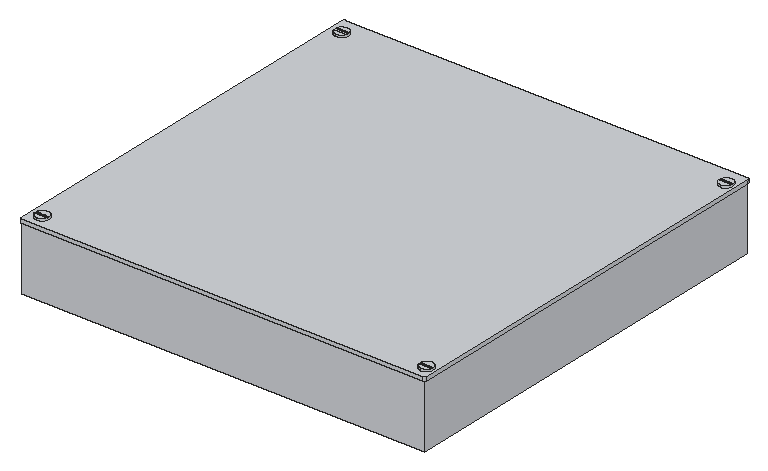
Revit family "AB23G", category Generic Models, Revit 2017
Family settings
  Can host rebar = No
  Round Connector Dimension = Use Diameter
  Part Type = Normal
  Work Plane-Based = Yes
  Always vertical = No
  Cut with Voids When Loaded = No
  Shared = No
  Room Calculation Point = No
Parameters (values of type "NBS Standard Parameters")
  Weight = "2.425Kg"
  WarrantyStartDate [instance] = "1900-12-31T23:59:59"
  WarrantyGuarantorParts = "n/a"
  WarrantyGuarantorLabor = "n/a"
  WarrantyDurationUnit = "1 year"
  WarrantyDurationParts = "n/a"
  WarrantyDurationLabor = "n/a"
  WarrantyDescription = "n/a"
  Version = "1"
  Uniclass2 = "Pr_65_52_01_86"
  TagNumber [instance] = "n/a"
  SustainabilityPerformance = "n/a"
  Size = "300 X 300 X 75mm (12 X 12 X 3\")"
  Shape = "Square"
  SerialNumber [instance] = "n/a"
  Revision = "n/a"
  ReplacementCost = "n/a"
  ProductInformation = "www.metpro.co.uk/pdf/ab23g.pdf"
  NominalWidth = 300 mm
  NominalLength = 300 mm
  NominalHeight = 75 mm
  Name = ""
  NBSTypeID = ""
  NBSReference = "45-35-00/340"
  NBSOfficeMasterTag = ""
  NBSNote = ""
  NBSDescription = "Surface Boxes"
  NBSCertification = ""
  ModelReference = "AB23G"
  ModelNumber = "n/a"
  Material = "Galvanised Steel Sheet"
  ManufacturerURL = "www.metpro.co.uk"
  ManufacturerName = "Metpro Ltd"
  Keynote = "Compliant to LU Standard 1-085"
  InstallationDate [instance] = "1900-12-31T23:59:59"
  IfcExportType = ""
  IfcExportAs = ""
  Grade = "n/a"
  Finish = "Pre Galvanised Sheet Steel"
  Features = "n/a"
  ExpectedLife = "n/a"
  DurationUnit = "year"
  Description = "AB23G - 300 X 300 X 75mm ( 12 X 12 X 3\")  Adaptable Box - Plain"
  Default Elevation = 1219.2 mm
  Constituents = "n/a"
  Color = "n/a"
  CodePerformance = "n/a"
  Category = "n/a"
  BarCode [instance] = "n/a"
  BIMObjectName = "Metpro_metprolibrary_surfaceboxes_adaptablebox_plainsided"
  Author = "Metpro Ltd"
  AssetType = ""
  AssetIdentifier [instance] = "n/a"
  AccessibilityPerformance = "n/a"
Reference planes
  plane 1 "Center (Front/Back)": y = 0
  plane 2: z = 0
  plane 3 "Center (Left/Right)": x = 0
Forms (mm)
  Extrusion 1, solid
    sketch origin (129.103, -96.748, 128.864) x (0, -1, 0) y (1, 0, 0)
      loop
        line (-2.199, -305) -> (-2.199, -5) -> (-302.199, -5) -> (-302.199, -305) -> (-2.199, -305)
    from 0 to 47.5
  Extrusion 2, solid
    sketch origin (129.103, -96.748, 176.364) x (0, -1, 0) y (1, 0, 0)
      loop
        line (-301.75, -306) -> (-2.599, -306)
        arc (-2.599, -306) -> (-1.609, -305.59) -> (-1.199, -304.6) r 1.4
        line (-1.199, -304.6) -> (-1.199, -5.4)
        arc (-1.199, -5.4) -> (-1.609, -4.41) -> (-2.599, -4) r 1.4
        line (-2.599, -4) -> (-301.799, -4)
        arc (-301.799, -4) -> (-302.789, -4.41) -> (-303.199, -5.4) r 1.4
        line (-303.199, -5.4) -> (-303.199, -304.551)
        arc (-303.199, -304.551) -> (-302.774, -305.576) -> (-301.75, -306) r 1.449
    from 0 to 2.5
  Extrusion 3, solid
    sketch origin (129.103, -92.373, 178.864) x (0, -1, 0) y (1, 0, 0)
      loop
        circle (-285.949, -297.25) r 5
      loop
        circle (-7.199, -297.25) r 5
      loop
        circle (-285.949, -11) r 5
      loop
        circle (-7.199, -11) r 5
    from 0 to 1
  Extrusion 4, void
    sketch origin (129.103, -92.373, 179.864) x (1, 0, 0) y (0, -1, 0)
      loop
        line (-303.636, -5.85) -> (-303.636, -8.35) -> (-288.636, -8.35) -> (-288.636, -5.85) -> (-303.636, -5.85)
      loop
        line (-307.386, -287.283) -> (-287.386, -287.283) -> (-287.386, -284.783) -> (-307.386, -284.783) -> (-307.386, -287.283)
      loop
        line (-17.801, -284.99) -> (-17.801, -287.009) -> (-2.801, -287.009) -> (-2.801, -284.99) -> (-17.801, -284.99)
      loop
        line (-17.956, -5.647) -> (-17.956, -7.821) -> (-1.342, -7.821) -> (-1.342, -5.647) -> (-17.956, -5.647)
    from 0 to 0.5
Cuts and joins
  Extrusion 4 cuts Extrusion 3
Dimensions and locks
  aligned and locked: level to plane 2
